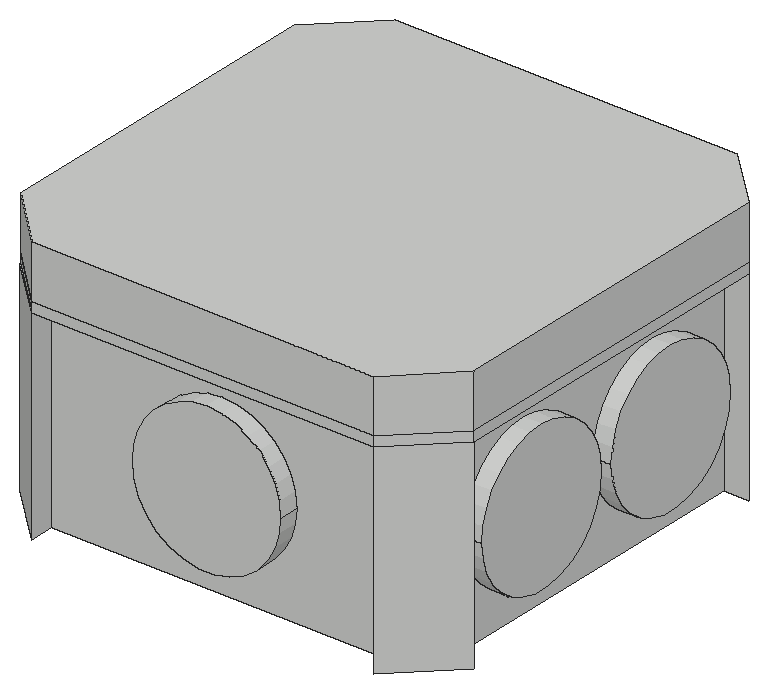
Revit family "Kombischutzgerät für VDSL-Systeme", category Generic Models, Revit 2015
Parameters (values of type "TD-2D-V")
  Width 1 = 80.4 mm
  Width = 90 mm
  URL = "http://www.obo-bettermann.com"
  Material = OBO-PP
  Manufacturer Art.No. = "5081698"
  Manufacturer = "OBO Bettermann"
  Length 1 = 80.4 mm
  Length = 90 mm
  Height 1 = 40.3 mm
  Height = 52.8 mm
  GTIN = "4012196427444"
  Diameter = 29.5 mm
  Article Type = "TD-2D-V"
Reference planes
  plane 1 "Center (Front/Back)": y = 0
  plane 2: z = 0
  plane 3 "Center (Left/Right)": x = 0
  plane 4: z = 40.3
  plane 5: z = 42.2
  plane 6: z = 52.8
  plane 7: y = -44
  plane 8: x = 44
  plane 9: x = -44
  plane 10: y = 44
Forms (mm)
  Extrusion 1, solid, material "OBO-PP" <- "Material"
    sketch origin (0, 0, 0) x (1, 0, 0) y (0, 1, 0)
      loop
        line (-40.2, 35.2) -> (-40.2, -35.2)
        arc (-40.2, -35.2) -> (-38.736, -38.736) -> (-35.2, -40.2) r 5
        line (-35.2, -40.2) -> (35.2, -40.2)
        arc (35.2, -40.2) -> (38.736, -38.736) -> (40.2, -35.2) r 5
        line (40.2, -35.2) -> (40.2, 35.2)
        arc (40.2, 35.2) -> (38.736, 38.736) -> (35.2, 40.2) r 5
        line (35.2, 40.2) -> (-35.2, 40.2)
        arc (-35.2, 40.2) -> (-38.736, 38.736) -> (-40.2, 35.2) r 5
    from 0 to 40.3
  Extrusion 2, solid, material "OBO-PP" <- "Material"
    sketch origin (0, 0, 0) x (1, 0, 0) y (0, 1, 0)
      loop
        line (-34, 45) -> (-45, 34) -> (-45, -34) -> (-34, -45) -> (34, -45) -> (45, -34) -> (45, 34) -> (34, 45) -> (-34, 45)
    from 40.3 to 42.2
  Extrusion 3, solid, material "OBO-PP" <- "Material"
    sketch origin (0, 0, 0) x (1, 0, 0) y (0, 1, 0)
      loop
        line (45, 34) -> (34, 45) -> (34, 40.2) -> (35.2, 40.2)
        arc (35.2, 40.2) -> (38.736, 38.736) -> (40.2, 35.2) r 5
        line (40.2, 35.2) -> (40.2, 34) -> (45, 34)
      loop
        line (-34, 45) -> (-45.038, 33.962) -> (-40.2, 33.962) -> (-40.2, 35.2)
        arc (-40.2, 35.2) -> (-38.736, 38.736) -> (-35.2, 40.2) r 5
        line (-35.2, 40.2) -> (-34, 40.2) -> (-34, 45)
      loop
        line (-45.038, -33.962) -> (-34, -45) -> (-34, -40.2) -> (-35.2, -40.2)
        arc (-35.2, -40.2) -> (-38.736, -38.736) -> (-40.2, -35.2) r 5
        line (-40.2, -35.2) -> (-40.2, -33.962) -> (-45.038, -33.962)
      loop
        line (34, -45) -> (45, -34) -> (40.2, -34) -> (40.2, -35.2)
        arc (40.2, -35.2) -> (38.736, -38.736) -> (35.2, -40.2) r 5
        line (35.2, -40.2) -> (34, -40.2) -> (34, -45)
    from 0 to 40.3
  Extrusion 4, solid, material "OBO-PP" <- "Material"
    sketch origin (0, 0, 0) x (1, 0, 0) y (0, 1, 0)
      loop
        line (-34, 45) -> (-45, 34) -> (-45, -34) -> (-34, -45) -> (34, -45) -> (45, -34) -> (45, 34) -> (34, 45) -> (-34, 45)
    from 42.2 to 52.8
  Extrusion 5, solid, material "OBO-TPE"
    sketch origin (0, 0, 0) x (1, 0, 0) y (0, 0, 1)
      loop
        circle (0, 20.4) r 14.75
    from 40.2 to 44
  Extrusion 6, solid, material "OBO-TPE"
    sketch origin (0, 0, 0) x (0, 1, 0) y (0, 0, 1)
      loop
        circle (16, 20.4) r 14.75
      loop
        circle (-16, 20.4) r 14.75
    from 40.2 to 44
  Extrusion 7, solid, material "OBO-TPE"
    sketch origin (0, 0, 0) x (0, 1, 0) y (0, 0, 1)
      loop
        circle (16, 20.4) r 14.75
      loop
        circle (-16, 20.4) r 14.75
    from -44 to -40.2
  Extrusion 8, solid, material "OBO-TPE"
    sketch origin (0, 0, 0) x (1, 0, 0) y (0, 0, 1)
      loop
        circle (16, 20.4) r 14.75
      loop
        circle (-16, 20.4) r 14.75
    from -44 to -40.2
Dimensions and locks
  "Width 1": Extrusion 1 sketch curve to Extrusion 1 sketch curve
  equal spacing: Extrusion 1 sketch curve, plane 3 "Center (Left/Right)", Extrusion 1 sketch curve
  "Length 1": Extrusion 1 sketch curve to Extrusion 1 sketch curve
  equal spacing: Extrusion 1 sketch curve, plane 1 "Center (Front/Back)", Extrusion 1 sketch curve
  "Height 1": plane 4 to level
  "Width": Extrusion 2 sketch curve to Extrusion 2 sketch curve
  equal spacing: Extrusion 2 sketch curve, plane 3 "Center (Left/Right)", Extrusion 2 sketch curve
  "Length": Extrusion 2 sketch curve to Extrusion 2 sketch curve
  equal spacing: Extrusion 2 sketch curve, plane 1 "Center (Front/Back)", Extrusion 2 sketch curve
  locked: Extrusion 2 sketch curve to Extrusion 2 sketch curve at 68  (x4)
  equal spacing: Extrusion 2 sketch curve, plane 1 "Center (Front/Back)", Extrusion 2 sketch curve, locked at 34 each  (x2)
  equal spacing: Extrusion 2 sketch curve, plane 3 "Center (Left/Right)", Extrusion 2 sketch curve, locked at 34 each  (x2)
  locked: plane 5 to plane 4 at 1.9
  locked: Extrusion 3 sketch curve to Extrusion 3 sketch curve at 68  (x3)
  equal spacing: Extrusion 3 sketch curve, plane 3 "Center (Left/Right)", Extrusion 3 sketch curve, locked at 34 each  (x2)
  equal spacing: Extrusion 3 sketch curve, plane 1 "Center (Front/Back)", Extrusion 3 sketch curve
  locked: Extrusion 3 sketch curve to Extrusion 3 sketch curve at 67.925
  equal spacing: Extrusion 3 sketch curve, plane 1 "Center (Front/Back)", Extrusion 3 sketch curve, locked at 33.962 each
  "Height": plane 6 to level
  locked: Extrusion 5 sketch curve to Extrusion 1 at 20.4
  locked: plane 1 "Center (Front/Back)" to plane 7 at 44
  locked: Extrusion 1 to Extrusion 6 sketch curve at 20.4  (x2)
  locked: Extrusion 6 sketch curve to plane 1 "Center (Front/Back)" at 16
  locked: plane 1 "Center (Front/Back)" to Extrusion 6 sketch curve at 16
  locked: plane 8 to plane 3 "Center (Left/Right)" at 44
  locked: plane 3 "Center (Left/Right)" to plane 9 at 44
  locked: Extrusion 1 to Extrusion 8 sketch curve at 20.4  (x2)
  locked: Extrusion 8 sketch curve to plane 3 "Center (Left/Right)" at 16
  locked: plane 3 "Center (Left/Right)" to Extrusion 8 sketch curve at 16
  locked: plane 10 to plane 1 "Center (Front/Back)" at 44
  "Diameter": diameter of Extrusion 5 sketch curve
  "Diameter": diameter of Extrusion 6 sketch curve  (x2)
  "Diameter": diameter of Extrusion 8 sketch curve  (x2)
  aligned and locked: level to plane 2
  aligned and locked: Extrusion 1 to level
  aligned and locked: plane 4 to Extrusion 1
  aligned and locked: Extrusion 2 to Extrusion 1
  aligned and locked: plane 5 to Extrusion 2
  aligned and locked: Extrusion 3 sketch curve to Extrusion 2  (x4)
  aligned and locked: Extrusion 3 to Extrusion 1
  aligned and locked: Extrusion 3 to level
  aligned and locked: Extrusion 3 sketch curve to Extrusion 1  (x3)
  aligned and locked: Extrusion 1 to Extrusion 3 sketch curve  (x2)
  aligned and locked: Extrusion 4 sketch curve to Extrusion 2  (x8)
  aligned and locked: Extrusion 4 to Extrusion 2
  aligned and locked: plane 6 to Extrusion 4
  aligned and locked: Extrusion 5 to Extrusion 1
  aligned and locked: Extrusion 5 to plane 7
  aligned and locked: Extrusion 6 to plane 8
  aligned and locked: Extrusion 6 to Extrusion 1
  aligned and locked: Extrusion 7 sketch curve to Extrusion 6  (x4)
  aligned and locked: Extrusion 7 to plane 9
  aligned and locked: Extrusion 7 to Extrusion 1
  aligned and locked: Extrusion 8 to plane 10
  aligned and locked: Extrusion 8 to Extrusion 1
Automatic sketch dimensions
  Extrusion 1 sketch curve to Extrusion 1 sketch curve = 5 mm  (x4)
  Extrusion 3 sketch curve to Extrusion 3 sketch curve = 1.2 mm
  Extrusion 3 sketch curve to Extrusion 3 sketch curve = 4.8 mm
  Extrusion 5 sketch curve to plane 3 "Center (Left/Right)" = 0 mm
